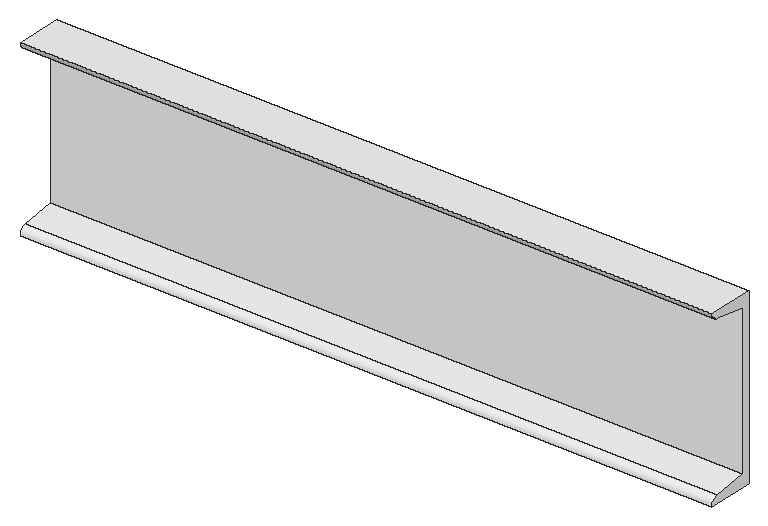
Revit family "M_C-Channel", category Structural Framing, Revit 2023
Family settings
  Structural Framing Length Roundoff = 0 mm
  Section Shape = Not Defined
  Material for Model Behavior = Steel
  Always export as geometry = No
  OmniClass Number = 23.25.30.11.14.14
  OmniClass Title = Beams
  Always vertical = Yes
  Cut with Voids When Loaded = No
  Symbolic Representation = From Project Settings
  Shared = No
  Show family pre-cut in plan views = Yes
Parameters (values of type "C310X45")
  Structural Material [instance] = Steel, 45-345
  Perimeter = 0
  Nominal Weight = 0.00 kgf/m
  Assembly Code = ""
  Length [instance] = 1000 mm
  bf = 80.5 mm
  d = 305 mm
  tf = 12.7 mm
  tw = 13 mm
  x = 17.1 mm
  A = 0.006 m²
Types (2, lengths in mm): name | Length | bf | d | tf | tw | x | A
  C310X45 | 1000 | 80.5 | 305 | 12.7 | 13 | 17.1 | 0.006 m²
  C380X50.4 | 1524 | 86.4 | 381 | 16.5 | 10.2 | 20 | 0.00642 m²
Reference planes
  plane 1 "Center (Front/Back)": y = 0
  plane 2: z = 0
  plane 3 "Center (Left/Right)": x = 4.61
  plane 4 "Member Left": x = -604.99
  plane 5 "Member Right": x = 614.21
  plane 6: y = 17.1
  plane 7: y = -63.4
  plane 8 "Top": z = 152.5
  plane 9: z = -152.5
  plane 10 "Left": x = -757.39
  plane 11 "Right": x = 242.61
Forms (mm)
  Sweep 1, solid, material "Steel, 45-345" <- "Structural Material", detail levels medium
    path origin (0, 0, 0) x (1, 0, 0) y (0, 1, 0)
      loop
        line (614.21, 0) -> (-604.99, 0)
    profile "M_C-Channel-Profile-Medium : M_C-Channel-Profile-Medium" origin (4.61, 0, 0) x (0, -1, 0) y (0, 0, 1)
      loop
        line (-17.1, -152.5) -> (63.4, -152.5) -> (63.4, -139.8) -> (-4.1, -129.109) -> (-4.1, 129.109) -> (63.4, 139.8) -> (63.4, 152.5) -> (-17.1, 152.5) -> (-17.1, -152.5)
  Sweep 2, solid, material "Steel, 45-345" <- "Structural Material", detail levels fine
    path origin (0, 0, 0) x (1, 0, 0) y (0, 1, 0)
      loop
        line (614.21, 0) -> (-604.99, 0)
    profile "M_C-Channel-Profile-Fine : M_C-Channel-Profile-Fine" origin (4.61, 0, 0) x (0, -1, 0) y (0, 0, 1)
      loop
        line (-17.1, -152.5) -> (63.4, -152.5)
        arc (63.4, -152.5) -> (59.68, -143.52) -> (50.7, -139.8) r 12.7
        line (50.7, -139.8) -> (-4.1, -131.121) -> (-4.1, 131.121) -> (50.7, 139.8)
        arc (50.7, 139.8) -> (59.68, 143.52) -> (63.4, 152.5) r 12.7
        line (63.4, 152.5) -> (-17.1, 152.5) -> (-17.1, -152.5)
Lines and regions (mm)
  symbolic lines, style "Hidden Faces", detail levels medium+fine
    curve 1: line (-604.99, 4.1, 0) -> (614.21, 4.1, 0)
    curve 2: line (-604.99, 4.762, 139.8) -> (614.21, 4.762, 139.8)
    curve 3: line (-604.99, 4.763, -139.8) -> (614.21, 4.763, -139.8)
  symbolic lines, style "Stick Symbols", detail levels coarse
    curve 4: line (4.61, 17.1, 152.5) -> (4.61, -63.4, 152.5)
    curve 5: line (4.61, 17.1, -152.5) -> (4.61, 17.1, 152.5)
    curve 6: line (4.61, -63.4, -152.5) -> (4.61, 17.1, -152.5)
Dimensions and locks
  "bf": plane 6 to plane 7
  "d": plane 9 to plane 8 "Top"
  "x": plane 6 to plane 1 "Center (Front/Back)"
  equal spacing: plane 9, plane 2, plane 8 "Top"
  "Length": plane 10 "Left" to plane 11 "Right"
  aligned and locked: Sweep 1 sketch curve to plane 1 "Center (Front/Back)"
  aligned and locked: Sweep 2 sketch curve to plane 1 "Center (Front/Back)"
  aligned and locked: curve 4 to Sweep 2
  aligned and locked: curve 5 to Sweep 2
  aligned and locked: Sweep 2 to curve 6
  aligned and locked: Sweep 1 to curve 4
  aligned and locked: curve 6 to Sweep 1
  aligned and locked: curve 3 to Sweep 1
  aligned and locked: curve 2 to Sweep 1
  aligned and locked: curve 1 to Sweep 2
  aligned and locked: plane 4 "Member Left" to Sweep 2 sketch curve
  aligned and locked: plane 5 "Member Right" to Sweep 2 sketch curve
  aligned and locked: plane 4 "Member Left" to Sweep 1 sketch curve
  aligned and locked: plane 5 "Member Right" to Sweep 1 sketch curve
  aligned and locked: plane 4 "Member Left" to curve 1
  aligned and locked: plane 5 "Member Right" to curve 1
  aligned and locked: plane 4 "Member Left" to curve 3
  aligned and locked: plane 4 "Member Left" to curve 2
  aligned and locked: plane 5 "Member Right" to curve 3
  aligned and locked: plane 5 "Member Right" to curve 2
